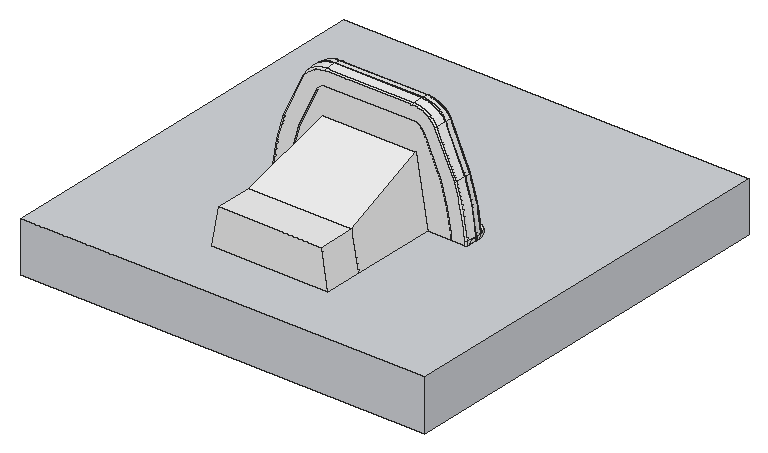
Revit family
Parameters (values of type "EWF-44000-FM")
  Waste Connection Radius = 0' - 0 3/4"
  Waste Connection = yes
  Warranty = "3 year (Limited)"
  WFU = 2
  Voltage = 110 V  # constant formula
  Vent Connection = no
  URL = "www.sloanvalve.com"
  Revised Date = "19/09/2012"
  Product Page URL = "http://sloanvalve.com/Our_Products/EWF_Series_Lavatory_Systems.aspx"
  Product Documentation Link = "http://sloanvalve.com/Specifications/Optima_EWF-44000.pdf"
  Operation = "Sensor-Activated"
  Model = "EWF-44000-FM"
  Material = "SloanStone-Sloan-PL-Pearl"
  Manufacturer = "SLOAN"
  Keynote = ""
  Hot Water Connection Radius = 0' - 0 1/4"
  HWFU = 1.5
  HW Connection = yes
  Fixture Color = "Consult your local Sloan Representative for color options"
  Description = "Quadruple-station solid surface floor mounted lavatory system equipped with Sloan Optima® electronic technology."
  Default Elevation = 2' - 10"
  Cold Water Connection Radius = 0' - 0 1/4"
  CWFU = 1.5
  CW Connection = yes
  Assembly Code = "D2010610"
  ADA Compliant = yes
Reference planes (in)
  plane 1 "Center (Front/Back)": y = 0
  plane 2: z = 0
  plane 3 "Center (Left/Right)": x = 0
  plane 4: x = -23
  plane 5: x = 23
  plane 6: z = 26
  plane 7: y = -34
  plane 8: y = -25
  plane 9: y = 5.5
  plane 10: y = -4.5
  plane 11: y = -13.5
  plane 12: x = -1
  plane 13: x = -5
  plane 14: y = -10.5
  plane 15: x = 11.56393
  plane 16: x = -11.56393
  plane 17: x = 5
  plane 18: y = 4.31555
  plane 19: x = -13.81046
  plane 20: x = 13.81046
  plane 21: x = -11.02386
  plane 22: x = 11.02386
  plane 23: x = -22.62222
  plane 24: x = -22.87557
  plane 25: x = -22.92324
  plane 26: x = -22.94739
  plane 27: x = 23.1084
  plane 28: x = 23.18958
  plane 29: x = -23.16714
  plane 30: x = -23.15483
  plane 31: z = 25.83579
  plane 32: z = 25.86616
  plane 33: z = 26.04104
  plane 34: y = -28
Forms (in)
  Extrusion 1, solid
    sketch origin (0, 0, 0) x (1, 0, 0) y (0, 1, 0)
      loop
        line (-48, 48) -> (-48, -48) -> (48, -48) -> (48, 48) -> (-48, 48)
    from 0 to -12
  Sweep 2, solid, material "SloanStone-Sloan-PL-Pearl"
    path origin (2.17627, 0, 0) x (1, 0, 0) y (0, 0, 1)
      loop
        line (20.73024, 0.03125) -> (20.73024, 0.96952)
        arc (20.73024, 0.96952) -> (19.7696, 6.86823) -> (18.16101, 12.62409) r 53.83177
        arc (18.16101, 12.62409) -> (16.12144, 17.73285) -> (13.56458, 22.60334) r 53.13163
        arc (13.56458, 22.60334) -> (11.31862, 24.81051) -> (8.27461, 25.61668) r 6.14997
        line (8.27461, 25.61668) -> (-12.44258, 25.61668)
        arc (-12.44258, 25.61668) -> (-15.48659, 24.81051) -> (-17.73255, 22.60334) r 6.14997
        arc (-17.73255, 22.60334) -> (-20.2894, 17.73285) -> (-22.32898, 12.62409) r 53.13163
        arc (-22.32898, 12.62409) -> (-23.93757, 6.86823) -> (-24.89821, 0.96952) r 53.83177
        line (-24.89821, 0.96952) -> (-24.89821, 0.03125)
    profile origin (22.90651, 0, 0.96952) x (-1, 0, 0) y (0, -1, 0)
      loop
        line (1.47023, 0.49788) -> (1.47023, 3.5) -> (3.72023, 3.5) -> (3.72023, 4.49801) -> (1.47023, 4.49801) -> (0.09119, 4.49801)
        arc (0.09119, 4.49801) -> (-0.11947, 4.41633) -> (-0.22001, 4.21399) r 0.3125
        line (-0.22001, 4.21399) -> (-0.42526, 1.97111)
        arc (-0.42526, 1.97111) -> (-0.43105, 1.86939) -> (-0.43348, 1.76753) r 3.08985
        line (-0.43348, 1.76753) -> (-0.1996, 0.26248)
        arc (-0.1996, 0.26248) -> (-0.0941, 0.07314) -> (0.1092, -0.00203) r 0.3125
        line (0.1092, -0.00203) -> (0.97023, -0.00212)
        arc (0.97023, -0.00212) -> (1.32379, 0.14433) -> (1.47023, 0.49788) r 0.5
  Sweep 3, solid, material "SloanStone-Sloan-PL-Pearl"
    path origin (0, 0, 0) x (1, 0, 0) y (0, 0, 1)
      loop
        line (11.60277, -0.00907) -> (11.60277, 1.58857) -> (9.70572, 11.30464)
        arc (9.70572, 11.30464) -> (9.00537, 12.48014) -> (7.71745, 12.94224) r 2.02581
        line (7.71745, 12.94224) -> (0, 12.94224) -> (-7.72144, 12.94224)
        arc (-7.72144, 12.94224) -> (-9.00937, 12.48014) -> (-9.70971, 11.30464) r 2.02581
        line (-9.70971, 11.30464) -> (-11.60676, 1.58857) -> (-11.60676, -0.00907)
    profile origin (0, 0, 12.94224) x (0, 0, -1) y (0, -1, 0)
      loop
        line (0.70572, 0) -> (0.70572, -4.69016) -> (-0.21887, -4.69016) -> (-0.21887, -5.0001)
        arc (-0.21887, -5.0001) -> (-0.07245, -5.35358) -> (0.28103, -5.5) r 0.4999
        line (0.28103, -5.5) -> (1.4987, -5.5) -> (1.4987, 0) -> (0.70572, 0)
  Extrusion 4, solid, material "SloanStone-Sloan-PL-Pearl"
    sketch origin (0, 0, 0) x (1, 0, 0) y (0, 0, 1)
      loop
        line (10.10407, 0) -> (10.10407, 1.44363) -> (8.2348, 11.01744)
        arc (8.2348, 11.01744) -> (8.05257, 11.32331) -> (7.71745, 11.44355) r 0.52712
        line (7.71745, 11.44355) -> (-7.72144, 11.44355)
        arc (-7.72144, 11.44355) -> (-8.05656, 11.32331) -> (-8.23879, 11.01744) r 0.52712
        line (-8.23879, 11.01744) -> (-10.10806, 1.44363) -> (-10.10806, 0) -> (10.10407, 0)
    from -5.5 to 4.5
  Extrusion 5, solid, material "SloanStone-Sloan-PL-Pearl"
    sketch origin (10.4307, 4.75, 2.2272) x (-0.207912, 0, 0.978148) y (0, -1, 0)
      loop
        line (5.53759, 1.2983) -> (4.78759, 1.2983)
        arc (4.78759, 1.2983) -> (4.41259, 0.9233) -> (4.78759, 0.5483) r 0.375
        line (4.78759, 0.5483) -> (5.53759, 0.5483)
        arc (5.53759, 0.5483) -> (5.91259, 0.9233) -> (5.53759, 1.2983) r 0.375
    from 0 to 0.0625
  Extrusion 6, solid, material "SloanStone-Sloan-PL-Pearl"
    sketch origin (9.51016, 4.75, 12.25) x (-1, 0, 0) y (0, -1, 0)
      loop
        line (5.53759, 1.2983) -> (4.78759, 1.2983)
        arc (4.78759, 1.2983) -> (4.41259, 0.9233) -> (4.78759, 0.5483) r 0.375
        line (4.78759, 0.5483) -> (5.53759, 0.5483)
        arc (5.53759, 0.5483) -> (5.91259, 0.9233) -> (5.53759, 1.2983) r 0.375
    from 0 to 0.0625
  Extrusion 7, solid, material "SloanStone-Sloan-PL-Pearl"
    sketch origin (-9.51016, 4.75, 12.25) x (1, 0, 0) y (0, 1, 0)
      loop
        arc (5.53759, -1.2983) -> (5.91259, -0.9233) -> (5.53759, -0.5483) r 0.375
        line (5.53759, -0.5483) -> (4.78759, -0.5483)
        arc (4.78759, -0.5483) -> (4.41259, -0.9233) -> (4.78759, -1.2983) r 0.375
        line (4.78759, -1.2983) -> (5.53759, -1.2983)
    from 0 to 0.0625
  Extrusion 8, solid, material "SloanStone-Sloan-PL-Pearl"
    sketch origin (-10.4307, 4.75, 2.2272) x (0.207912, 0, 0.978148) y (0, 1, 0)
      loop
        arc (5.53759, -1.2983) -> (5.91259, -0.9233) -> (5.53759, -0.5483) r 0.375
        line (5.53759, -0.5483) -> (4.78759, -0.5483)
        arc (4.78759, -0.5483) -> (4.41259, -0.9233) -> (4.78759, -1.2983) r 0.375
        line (4.78759, -1.2983) -> (5.53759, -1.2983)
    from 0 to 0.0625
  Extrusion 9, solid, material "Default"
    sketch origin (0, 0, 0) x (1, 0, 0) y (0, 1, 0)
      loop
        circle (-1, -13.5) r 0.25
      loop
        circle (-5, -13.5) r 0.25
      loop
        circle (0, -10.5) r 0.75
      loop
        line (4, -12) -> (4, -15) -> (6, -15) -> (6, -12) -> (4, -12)
    from 0 to 0.03125
  Revolve 10, solid, material "SloanStone-Sloan-PL-Pearl"
    sketch origin (4.58942, 14.56477, 11.44543) x (0.508513, 0.829038, -0.232618) y (0.415989, 0, 0.90937)
      loop
        line (-15.51805, -2.03868) -> (-15.66935, -2.18997) -> (-15.41233, -2.44699) -> (-15.26104, -2.29569) -> (-15.51805, -2.03868)
      axis (-15.7615, -2.28213) -> (-15.50449, -2.53914)
    angle from 0 to 360
  Revolve 11, solid, material "SloanStone-Sloan-PL-Pearl"
    sketch origin (-4.34757, -0.25, 0.48499) x (0, 1, 0) y (0, 0, 1)
      loop
        line (2.04794, 12.63041) -> (2.04794, 11.76501) -> (2.54794, 11.76501) -> (2.54794, 12.13041)
        arc (2.54794, 12.13041) -> (2.4015, 12.48396) -> (2.04794, 12.63041) r 0.5
      axis (2.04794, 12.63041) -> (2.04794, 11.76501)
    angle from 0 to 360
  Revolve 12, solid, material "SloanStone-Sloan-PL-Pearl"
    sketch origin (-4.58942, 14.56477, 11.44543) x (-0.508513, 0.829038, -0.232618) y (0.415989, 0, -0.90937)
      loop
        line (-15.51805, 2.03868) -> (-15.26104, 2.29569) -> (-15.41233, 2.44699) -> (-15.66935, 2.18997) -> (-15.51805, 2.03868)
      axis (-15.7615, 2.28213) -> (-15.50449, 2.53914)
    angle from 0 to 360
  Revolve 13, solid, material "SloanStone-Sloan-PL-Pearl"
    sketch origin (4.34757, -0.25, 0.48499) x (0, 1, 0) y (0, 0, -1)
      loop
        arc (2.04794, -12.63041) -> (2.4015, -12.48396) -> (2.54794, -12.13041) r 0.5
        line (2.54794, -12.13041) -> (2.54794, -11.76501) -> (2.04794, -11.76501) -> (2.04794, -12.63041)
      axis (2.04794, -12.63041) -> (2.04794, -11.76501)
    angle from 0 to 360
  Revolve 14, solid, material "SloanStone-Sloan-PL-Pearl"
    sketch origin (6.71224, 14.56477, 15.85138) x (-0.333261, 0.829038, 0.449037) y (-0.803009, 0, -0.595967)
      loop
        line (-15.51805, 2.03868) -> (-15.26104, 2.29569) -> (-15.41233, 2.44699) -> (-15.66935, 2.18997) -> (-15.51805, 2.03868)
      axis (-15.7615, 2.28213) -> (-15.50449, 2.53914)
    angle from 0 to 360
  Revolve 15, solid, material "SloanStone-Sloan-PL-Pearl"
    sketch origin (-2.15058, -0.25, 4.83089) x (0, 1, 0) y (-0.978148, 0, -0.207912)
      loop
        arc (2.04794, -12.63041) -> (2.4015, -12.48396) -> (2.54794, -12.13041) r 0.5
        line (2.54794, -12.13041) -> (2.54794, -11.76501) -> (2.04794, -11.76501) -> (2.04794, -12.63041)
      axis (2.04794, -12.63041) -> (2.04794, -11.76501)
    angle from 0 to 360
  Revolve 16, solid, material "SloanStone-Sloan-PL-Pearl"
    sketch origin (-6.71224, 14.56477, 15.85138) x (0.333261, 0.829038, 0.449037) y (-0.803009, 0, 0.595967)
      loop
        line (-15.51805, -2.03868) -> (-15.66935, -2.18997) -> (-15.41233, -2.44699) -> (-15.26104, -2.29569) -> (-15.51805, -2.03868)
      axis (-15.7615, -2.28213) -> (-15.50449, -2.53914)
    angle from 0 to 360
  Revolve 17, solid, material "SloanStone-Sloan-PL-Pearl"
    sketch origin (2.15058, -0.25, 4.83089) x (0, 1, 0) y (-0.978148, 0, 0.207912)
      loop
        line (2.04794, 12.63041) -> (2.04794, 11.76501) -> (2.54794, 11.76501) -> (2.54794, 12.13041)
        arc (2.54794, 12.13041) -> (2.4015, 12.48396) -> (2.04794, 12.63041) r 0.5
      axis (2.04794, 12.63041) -> (2.04794, 11.76501)
    angle from 0 to 360
  Extrusion 18, solid, material "SloanStone-Sloan-PL-Pearl"
    sketch origin (111.09563, -25, -18.08608) x (1, 0, 0) y (0, 0, 1)
      loop
        line (-97.18954, 18.11733) -> (-98.75201, 26.9788) -> (-123.24799, 26.9788) -> (-124.81046, 18.11733) -> (-97.18954, 18.11733)
    from 0 to 9
  Blend 19, solid, material "SloanStone-Sloan-PL-Pearl"
    base sketch origin (-110.90437, -25, -18.08608) x (-1, 0, 0) y (0, 0, 1)
      loop
        line (-98.75201, 26.9788) -> (-123.24799, 26.9788) -> (-124.81046, 18.11733) -> (-97.18954, 18.11733) -> (-98.75201, 26.9788)
    top sketch origin (-110.90437, -25, -18.08608) x (-1, 0, 0) y (0, 0, 1)
      loop
        line (-97.18954, 18.11733) -> (-99.97614, 33.92139) -> (-121.97614, 33.92139) -> (-124.76274, 18.11733) -> (-97.18954, 18.11733)
    from 0 to 20.61683
  Extrusion 20, solid, material "SloanStone-Sloan-PL-Pearl"
    sketch origin (0, 0, 0) x (1, 0, 0) y (0, 0, 1)
      loop
        arc (-10.2961, 22.15414) -> (-11.49976, 21.83505) -> (-12.38728, 20.96158) r 2.42974
        arc (-12.38728, 20.96158) -> (-14.7901, 16.39871) -> (-16.70427, 11.61026) r 49.4114
        arc (-16.70427, 11.61026) -> (-18.14214, 6.5008) -> (-19.0315, 1.26792) r 50.11153
        line (-19.0315, 1.26792) -> (-19.0315, 0.03125) -> (19.27368, 0.03125) -> (19.27368, 1.26792)
        arc (19.27368, 1.26792) -> (18.38433, 6.5008) -> (16.94646, 11.61026) r 50.11153
        arc (16.94646, 11.61026) -> (15.03228, 16.39871) -> (12.62947, 20.96158) r 49.4114
        arc (12.62947, 20.96158) -> (11.74195, 21.83505) -> (10.53829, 22.15414) r 2.42974
        line (10.53829, 22.15414) -> (-10.2961, 22.15414)
    from 3.5 to 4.5
  Extrusion 21, solid, material "SloanStone-Sloan-PL-Pearl"
    sketch origin (0, 0, 0) x (1, 0, 0) y (0, 1, 0)
      loop
        line (23.19186, -3.5) -> (23.33999, -1.88134) -> (23.33999, -0.79975)
        arc (23.33999, -0.79975) -> (22.17333, 1.62751) -> (19.72555, 2.75048) r 3.96705
        line (19.72555, 2.75048) -> (11.42071, 3.47706) -> (-11.23555, 3.47706) -> (-19.39125, 2.76353)
        arc (-19.39125, 2.76353) -> (-21.99753, 1.71338) -> (-23.2544, -0.79975) r 3.96705
        line (-23.2544, -0.79975) -> (-23.00729, -3.5) -> (23.19186, -3.5)
    from 0 to 0.76881
  Extrusion 22, solid, material "SloanStone-Sloan-PL-Pearl"
    sketch origin (0, -3.375, -0.00127) x (1, 0, 0) y (0, 0, 1)
      loop
        line (1.08476, 13.80717) -> (-1.08476, 13.80717)
        arc (-1.08476, 13.80717) -> (-1.43831, 13.66073) -> (-1.58476, 13.30717) r 0.5
        line (-1.58476, 13.30717) -> (-1.58476, 12.55872)
        arc (-1.58476, 12.55872) -> (-1.43831, 12.20516) -> (-1.08476, 12.05872) r 0.5
        line (-1.08476, 12.05872) -> (1.08476, 12.05872)
        arc (1.08476, 12.05872) -> (1.43831, 12.20516) -> (1.58476, 12.55872) r 0.5
        line (1.58476, 12.55872) -> (1.58476, 13.30717)
        arc (1.58476, 13.30717) -> (1.43831, 13.66073) -> (1.08476, 13.80717) r 0.5
      loop
        line (0.91362, 13.62634) -> (0.66362, 13.62634) -> (0.66362, 13.37634) -> (0.91362, 13.37634) -> (0.91362, 13.62634)
      loop
        line (0.91362, 12.23955) -> (0.91362, 12.48955) -> (0.66362, 12.48955) -> (0.66362, 12.23955) -> (0.91362, 12.23955)
      loop
        line (0.91362, 12.60789) -> (0.91362, 12.85789) -> (0.66362, 12.85789) -> (0.66362, 12.60789) -> (0.91362, 12.60789)
      loop
        line (0.91362, 13.258) -> (0.66362, 13.258) -> (0.66362, 13.008) -> (0.91362, 13.008) -> (0.91362, 13.258)
      loop
        line (0.51931, 13.62634) -> (0.26931, 13.62634) -> (0.26931, 13.37634) -> (0.51931, 13.37634) -> (0.51931, 13.62634)
      loop
        line (0.51931, 12.23955) -> (0.51931, 12.48955) -> (0.26931, 12.48955) -> (0.26931, 12.23955) -> (0.51931, 12.23955)
      loop
        line (0.51931, 12.60789) -> (0.51931, 12.85789) -> (0.26931, 12.85789) -> (0.26931, 12.60789) -> (0.51931, 12.60789)
      loop
        line (0.51931, 13.258) -> (0.26931, 13.258) -> (0.26931, 13.008) -> (0.51931, 13.008) -> (0.51931, 13.258)
      loop
        line (0.125, 13.62634) -> (-0.125, 13.62634) -> (-0.125, 13.37634) -> (0.125, 13.37634) -> (0.125, 13.62634)
      loop
        line (0.125, 12.23955) -> (0.125, 12.48955) -> (-0.125, 12.48955) -> (-0.125, 12.23955) -> (0.125, 12.23955)
      loop
        line (0.125, 12.60789) -> (0.125, 12.85789) -> (-0.125, 12.85789) -> (-0.125, 12.60789) -> (0.125, 12.60789)
      loop
        line (0.125, 13.258) -> (-0.125, 13.258) -> (-0.125, 13.008) -> (0.125, 13.008) -> (0.125, 13.258)
      loop
        line (1.30793, 13.62634) -> (1.05793, 13.62634) -> (1.05793, 13.37634) -> (1.30793, 13.37634) -> (1.30793, 13.62634)
      loop
        line (1.30793, 12.23955) -> (1.30793, 12.48955) -> (1.05793, 12.48955) -> (1.05793, 12.23955) -> (1.30793, 12.23955)
      loop
        line (1.30793, 12.60789) -> (1.30793, 12.85789) -> (1.05793, 12.85789) -> (1.05793, 12.60789) -> (1.30793, 12.60789)
      loop
        line (1.30793, 13.258) -> (1.05793, 13.258) -> (1.05793, 13.008) -> (1.30793, 13.008) -> (1.30793, 13.258)
      loop
        line (-0.91362, 13.62634) -> (-0.91362, 13.37634) -> (-0.66362, 13.37634) -> (-0.66362, 13.62634) -> (-0.91362, 13.62634)
      loop
        line (-0.91362, 12.23955) -> (-0.66362, 12.23955) -> (-0.66362, 12.48955) -> (-0.91362, 12.48955) -> (-0.91362, 12.23955)
      loop
        line (-0.91362, 12.60789) -> (-0.66362, 12.60789) -> (-0.66362, 12.85789) -> (-0.91362, 12.85789) -> (-0.91362, 12.60789)
      loop
        line (-0.91362, 13.258) -> (-0.91362, 13.008) -> (-0.66362, 13.008) -> (-0.66362, 13.258) -> (-0.91362, 13.258)
      loop
        line (-0.51931, 13.62634) -> (-0.51931, 13.37634) -> (-0.26931, 13.37634) -> (-0.26931, 13.62634) -> (-0.51931, 13.62634)
      loop
        line (-0.51931, 12.23955) -> (-0.26931, 12.23955) -> (-0.26931, 12.48955) -> (-0.51931, 12.48955) -> (-0.51931, 12.23955)
      loop
        line (-0.51931, 12.60789) -> (-0.26931, 12.60789) -> (-0.26931, 12.85789) -> (-0.51931, 12.85789) -> (-0.51931, 12.60789)
      loop
        line (-0.51931, 13.258) -> (-0.51931, 13.008) -> (-0.26931, 13.008) -> (-0.26931, 13.258) -> (-0.51931, 13.258)
      loop
        line (-1.30793, 13.62634) -> (-1.30793, 13.37634) -> (-1.05793, 13.37634) -> (-1.05793, 13.62634) -> (-1.30793, 13.62634)
      loop
        line (-1.30793, 12.23955) -> (-1.05793, 12.23955) -> (-1.05793, 12.48955) -> (-1.30793, 12.48955) -> (-1.30793, 12.23955)
      loop
        line (-1.30793, 12.60789) -> (-1.05793, 12.60789) -> (-1.05793, 12.85789) -> (-1.30793, 12.85789) -> (-1.30793, 12.60789)
      loop
        line (-1.30793, 13.258) -> (-1.30793, 13.008) -> (-1.05793, 13.008) -> (-1.05793, 13.258) -> (-1.30793, 13.258)
    from 0 to 0.125
Cuts and joins
  joined: Sweep 2, Sweep 3, Extrusion 4, Extrusion 5, Extrusion 6, Extrusion 7, Extrusion 8, Revolve 10, Revolve 11, Revolve 12, Revolve 13, Revolve 14, Revolve 15, Revolve 16, Revolve 17
  joined: Extrusion 18, Blend 19
Lines and regions (in)
  Masking region 1
    outline origin (0.09563, 0, 0) x (1, 0, 0) y (0, 1, 0)
      loop
        line (-23.0609, -4.20515) -> (-23.33409, -0.64208)
        arc (-23.33409, -0.64208) -> (-22.2629, 1.51727) -> (-20.15852, 2.69277) r 4.07253
        line (-20.15852, 2.69277) -> (-11.29953, 3.46783) -> (-10.99667, 3.46783) -> (-10.99667, 4.69019) -> (-11.92616, 4.69019) -> (-11.92616, 5.00012)
        arc (-11.92616, 5.00012) -> (-11.74857, 5.38514) -> (-11.34042, 5.5) r 0.50618
        line (-11.34042, 5.5) -> (11.17239, 5.5)
        arc (11.17239, 5.5) -> (11.58055, 5.38514) -> (11.75813, 5.00012) r 0.50618
        line (11.75813, 5.00012) -> (11.75813, 4.69019) -> (11.23489, 4.69019) -> (11.23489, 3.46783) -> (11.53775, 3.46783) -> (19.7469, 2.74962)
        arc (19.7469, 2.74962) -> (22.33548, 1.35449) -> (23.30984, -1.41999) r 4.07253
        arc (23.30984, -1.41999) -> (23.31366, -1.51999) -> (23.30984, -1.62) r 1.30811
        line (23.30984, -1.62) -> (23.07387, -4.20925)
        arc (23.07387, -4.20925) -> (22.97103, -4.41638) -> (22.75542, -4.5) r 0.31977
        line (22.75542, -4.5) -> (13.81046, -4.5) -> (13.81046, -34) -> (-13.81046, -34) -> (-13.81046, -4.5) -> (-22.73595, -4.5)
        arc (-22.73595, -4.5) -> (-22.95325, -4.41483) -> (-23.05478, -4.20468) r 0.31977
  Masking region 2
    outline origin (0.12364, 0, 0.00907) x (1, 0, 0) y (0, 0, 1)
      loop
        line (23.21635, -0.00907) -> (23.21635, 1.29884)
        arc (23.21635, 1.29884) -> (20.62323, 12.466) -> (15.8084, 22.87018) r 55.94957
        arc (15.8084, 22.87018) -> (13.43973, 25.1917) -> (10.23166, 26.03334) r 6.46542
        line (10.23166, 26.03334) -> (-10.39336, 26.03334)
        arc (-10.39336, 26.03334) -> (-13.60143, 25.1917) -> (-15.9701, 22.87018) r 6.46542
        arc (-15.9701, 22.87018) -> (-20.78493, 12.466) -> (-23.37804, 1.29884) r 55.94957
        line (-23.37804, 1.29884) -> (-23.37804, -0.00907) -> (23.21635, -0.00907)
  Masking region 3
    outline origin (0, 0, 0) x (0, 1, 0) y (0, 0, 1)
      loop
        line (5.5, 0) -> (5.5, 12.625)
        arc (5.5, 12.625) -> (5.34467, 13) -> (4.96967, 13.15533) r 0.53033
        line (4.96967, 13.15533) -> (4.69019, 13.15533) -> (4.69019, 12.24602) -> (4.2017, 12.24602) -> (4.2017, 12.30852) -> (3.4517, 12.30852) -> (3.4517, 12.24602) -> (2.34482, 12.24602) -> (2.34482, 12.6478)
        arc (2.34482, 12.6478) -> (2.22257, 12.97397) -> (1.91605, 13.13943) r 0.49624
        line (1.91605, 13.13943) -> (1.81465, 13.28424)
        arc (1.81465, 13.28424) -> (1.48013, 13.12229) -> (1.22189, 12.855) r 1.06211
        line (1.22189, 12.855) -> (1.30762, 12.74244)
        arc (1.30762, 12.74244) -> (1.29937, 12.69103) -> (1.29857, 12.63896) r 0.36284
        line (1.29857, 12.63896) -> (1.29857, 12.24724) -> (-0.00604, 12.24724) -> (-0.00604, 25.59716)
        arc (-0.00604, 25.59716) -> (-0.08491, 25.78758) -> (-0.27534, 25.86646) r 0.2693
        line (-0.27534, 25.86646) -> (-1.41933, 26.03418)
        arc (-1.41933, 26.03418) -> (-1.61349, 26.0351) -> (-1.80026, 25.98202) r 0.69166
        line (-1.80026, 25.98202) -> (-4.21799, 25.79664)
        arc (-4.21799, 25.79664) -> (-4.42026, 25.69933) -> (-4.50323, 25.49076) r 0.30886
        line (-4.50323, 25.49076) -> (-4.50323, 15.74749) -> (-24.99491, 8.856) -> (-34, 8.856) -> (-34, 0) -> (5.5, 0)
  model lines
    curve 1: circle (-5, -24.45768, 9.0435) r 0.125 normal (0, -0.3182, 0.948)
    curve 2: circle (5, -24.45768, 9.0435) r 0.125 normal (0, 0.3182, -0.948)
  symbolic lines, detail levels medium+fine
    curve 3: line (-10.90104, 4.69019, 0) -> (11.33052, 4.69019, 0)
    curve 4: line (-23.2544, -0.79975, 0) -> (23.37775, -0.79975, 0)
    curve 5: line (-10.90104, 3.46783, 0) -> (-10.90104, -0.79975, 0)
    curve 6: line (11.33052, 3.46783, 0) -> (11.33052, -0.79975, 0)
    curve 7: line (-13.71483, -4.5, 0) -> (13.90609, -4.5, 0)
    curve 10: line (-13.71483, -25, 0) -> (13.90609, -25, 0)
    curve 55: line (11.04039, 0, 0) -> (11.04039, 0, 0.7941)
    curve 56: line (11.04039, 0, 0.7941) -> (8.99981, 0, 11.24529)
    curve 57: arc (8.99981, 0, 11.24529) -> (8.57806, 0, 11.95318) -> (7.80248, 0, 12.23145) r 1.21994
    curve 58: line (-11.07558, 0, 0) -> (-11.07558, 0, 0.7941)
    curve 59: line (-11.07558, 0, 0.7941) -> (-9.06668, 0, 11.08304)
    curve 60: arc (-9.06668, 0, 11.08304) -> (-8.57554, 0, 11.90739) -> (-7.67235, 0, 12.23145) r 1.42066
    curve 61: line (7.80248, 0, 12.23145) -> (-7.67235, 0, 12.23145)
    curve 62: line (23.30566, 0, 1.30791) -> (10.94007, 0, 1.30791)
    curve 63: line (-23.2544, 0, 1.30791) -> (-10.97526, 0, 1.30791)
    curve 64: arc (21.50183, 0, 1.29419) -> (18.98803, 0, 11.60877) -> (14.4792, 0, 21.22023) r 53.28336
    curve 65: arc (14.4792, 0, 21.22023) -> (12.28733, 0, 23.36391) -> (9.32299, 0, 24.14645) r 6.00593
    curve 66: arc (-22.00772, 0, 1.30791) -> (-19.49353, 0, 11.6153) -> (-14.98702, 0, 21.22023) r 53.28336
    curve 67: arc (-14.98702, 0, 21.22023) -> (-12.79514, 0, 23.36391) -> (-9.8308, 0, 24.14645) r 6.00593
    curve 68: line (9.32299, 0, 24.14645) -> (-9.8308, 0, 24.14645)
    curve 214: line (0, 4.69019, 12.24602) -> (0, 4.69019, 0)
    curve 215: line (0, -0.00604, 12.24724) -> (0, -0.00604, 0)
    curve 216: line (0, -0.00604, 1.20036) -> (0, 3.49396, 1.20036)
    curve 217: line (0, 3.49396, 1.20036) -> (0, 3.49396, 0)
    curve 218: line (0, -4.50323, 15.79488) -> (0, -4.50323, 0)
    curve 219: line (0, -25, 8.8432) -> (0, -25, 0)
    curve 229: line (0, 4.2017, 12.25) -> (0, 3.4517, 12.25)
    curve 230: line (0, 2.34482, 12.24602) -> (0, 1.29173, 12.24602)
  symbolic lines, detail levels fine
    curve 8: line (-7.17958, -34, 0) -> (-7.17958, -25, 0)
    curve 9: line (-7.17958, -25, 0) -> (-5.98268, -4.5, 0)
    curve 11: line (7.37084, -34, 0) -> (7.37084, -25, 0)
    curve 12: line (7.37084, -25, 0) -> (6.17394, -4.5, 0)
    curve 13: arc (-4.68343, 1.67614, 0) -> (-4.3333, 1.79874, 0) -> (-4.05853, 1.54949, 0) r 0.36273
    curve 14: arc (-4.70559, 1.56214, 0) -> (-4.42688, 1.31731, 0) -> (-4.07875, 1.44547, 0) r 0.36273
    curve 15: arc (-4.70559, 1.56214, 0) -> (-4.70922, 1.622, 0) -> (-4.68343, 1.67614, 0) r 0.11998
    curve 16: arc (-4.05853, 1.54949, 0) -> (-4.05566, 1.49496, 0) -> (-4.07875, 1.44547, 0) r 0.11273
    curve 17: arc (-4.65818, 1.80073, 0) -> (-4.30805, 1.92332, 0) -> (-4.03328, 1.67408, 0) r 0.36273
    curve 18: line (-4.70922, 1.622, 0) -> (-4.65818, 1.80073, 0)
    curve 19: line (-4.05566, 1.49496, 0) -> (-4.03328, 1.67408, 0)
    curve 20: arc (-4.66793, 1.48138, 0) -> (-4.31845, 2.36402, 0) -> (-4.07875, 1.44547, 0) r 0.4994
    curve 21: arc (-10.32008, 1.78054, 0) -> (-10.18417, 1.48568, 0) -> (-9.93095, 1.28247, 0) r 0.70816
    curve 22: line (-9.93095, 1.28247, 0) -> (-9.81457, 1.36396, 0)
    curve 23: arc (-9.81457, 1.36396, 0) -> (-9.7715, 1.36029, 0) -> (-9.72828, 1.35943, 0) r 0.66353
    curve 24: line (-9.72828, 1.35943, 0) -> (-9.36426, 1.35943, 0)
    curve 25: arc (-9.36426, 1.35943, 0) -> (-9.25739, 1.85943, 0) -> (-9.36426, 2.35943, 0) r 1.22311
    curve 26: line (-9.36426, 2.35943, 0) -> (-9.7612, 2.35943, 0)
    curve 27: arc (-9.7612, 2.35943, 0) -> (-10.0709, 2.2246, 0) -> (-10.22701, 1.92506, 0) r 0.50662
    curve 28: line (-10.32008, 1.78054, 0) -> (-10.22701, 1.92506, 0)
    curve 29: arc (-10.22701, 1.92506, 0) -> (-10.06851, 1.60943, 0) -> (-9.81457, 1.36396, 0) r 1.05318
    curve 30: arc (10.31609, 1.78054, 0) -> (10.18017, 1.48568, 0) -> (9.92696, 1.28247, 0) r 0.70816
    curve 31: line (9.92696, 1.28247, 0) -> (9.81058, 1.36396, 0)
    curve 32: arc (9.81058, 1.36396, 0) -> (9.76751, 1.36029, 0) -> (9.72428, 1.35943, 0) r 0.66353
    curve 33: line (9.72428, 1.35943, 0) -> (9.36026, 1.35943, 0)
    curve 34: arc (9.36026, 1.35943, 0) -> (9.2534, 1.85943, 0) -> (9.36026, 2.35943, 0) r 1.22311
    curve 35: line (9.36026, 2.35943, 0) -> (9.75721, 2.35943, 0)
    curve 36: arc (9.75721, 2.35943, 0) -> (10.06691, 2.2246, 0) -> (10.22302, 1.92506, 0) r 0.50662
    curve 37: line (10.31609, 1.78054, 0) -> (10.22302, 1.92506, 0)
    curve 38: arc (10.22302, 1.92506, 0) -> (10.06452, 1.60943, 0) -> (9.81058, 1.36396, 0) r 1.05318
    curve 39: arc (4.67944, 1.67614, 0) -> (4.32931, 1.79874, 0) -> (4.05454, 1.54949, 0) r 0.36273
    curve 40: arc (4.7016, 1.56214, 0) -> (4.42289, 1.31731, 0) -> (4.07476, 1.44547, 0) r 0.36273
    curve 41: arc (4.7016, 1.56214, 0) -> (4.70523, 1.622, 0) -> (4.67944, 1.67614, 0) r 0.11998
    curve 42: arc (4.05454, 1.54949, 0) -> (4.05166, 1.49496, 0) -> (4.07476, 1.44547, 0) r 0.11273
    curve 43: arc (4.65419, 1.80073, 0) -> (4.30406, 1.92332, 0) -> (4.02929, 1.67408, 0) r 0.36273
    curve 44: line (4.70523, 1.622, 0) -> (4.65419, 1.80073, 0)
    curve 45: line (4.05166, 1.49496, 0) -> (4.02929, 1.67408, 0)
    curve 46: arc (4.66393, 1.48138, 0) -> (4.31446, 2.36402, 0) -> (4.07476, 1.44547, 0) r 0.4994
    curve 47: arc (-4.72257, 4.2017, 0) -> (-5.09757, 3.8267, 0) -> (-4.72257, 3.4517, 0) r 0.375
    curve 48: line (-4.72257, 3.4517, 0) -> (-3.97257, 3.4517, 0)
    curve 49: line (-3.97257, 4.2017, 0) -> (-4.72257, 4.2017, 0)
    curve 50: arc (-3.97257, 3.4517, 0) -> (-3.59757, 3.8267, 0) -> (-3.97257, 4.2017, 0) r 0.375
    curve 51: arc (3.97257, 4.2017, 0) -> (3.59757, 3.8267, 0) -> (3.97257, 3.4517, 0) r 0.375
    curve 52: line (3.97257, 3.4517, 0) -> (4.72257, 3.4517, 0)
    curve 53: arc (4.72257, 3.4517, 0) -> (5.09757, 3.8267, 0) -> (4.72257, 4.2017, 0) r 0.375
    curve 54: line (4.72257, 4.2017, 0) -> (3.97257, 4.2017, 0)
    curve 69: arc (9.66021, 0, 7.86295) -> (10.18216, 0, 7.45715) -> (9.85119, 0, 6.88483) r 0.50297
    curve 70: arc (10.14181, 0, 7.14283) -> (10.28946, 0, 7.5445) -> (9.94245, 0, 7.79493) r 0.35405
    curve 71: arc (-9.70239, 0, 7.82714) -> (-10.22583, 0, 7.42143) -> (-9.89344, 0, 6.84863) r 0.50297
    curve 72: arc (-10.18548, 0, 7.10711) -> (-10.33313, 0, 7.50878) -> (-9.98612, 0, 7.75921) r 0.35405
    curve 73: arc (4.12807, 0, 13.14129) -> (4.37876, 0, 13.22415) -> (4.62986, 0, 13.14254) r 0.42385
    curve 74: arc (4.0832, 0, 13.04716) -> (4.09533, 0, 13.09914) -> (4.12807, 0, 13.14129) r 0.12482
    curve 75: arc (4.67842, 0, 13.0569) -> (4.70882, 0, 12.99865) -> (4.72297, 0, 12.93449) r 0.2496
    curve 76: arc (4.72297, 0, 12.93449) -> (4.81123, 0, 12.78445) -> (4.85197, 0, 12.61521) r 0.59135
    curve 77: line (4.85197, 0, 12.61521) -> (4.85197, 0, 12.23145)
    curve 78: arc (4.0832, 0, 13.04716) -> (4.05737, 0, 12.99312) -> (4.04516, 0, 12.93449) r 0.2496
    curve 79: arc (4.04516, 0, 12.93449) -> (3.95691, 0, 12.78445) -> (3.91617, 0, 12.61521) r 0.59135
    curve 80: line (3.91617, 0, 12.61521) -> (3.91617, 0, 12.23145)
    curve 81: arc (4.67842, 0, 13.0569) -> (4.66336, 0, 13.10494) -> (4.62986, 0, 13.14254) r 0.11965
    curve 82: arc (4.67842, 0, 13.0569) -> (4.38107, 0, 13.12342) -> (4.08372, 0, 13.0569) r 0.69781
    curve 83: arc (4.72297, 0, 12.93449) -> (4.38407, 0, 13.00982) -> (4.04516, 0, 12.93449) r 0.8
    curve 84: arc (-4.04703, 0, 13.14129) -> (-4.29772, 0, 13.22415) -> (-4.54882, 0, 13.14254) r 0.42385
    curve 85: arc (-4.00216, 0, 13.04716) -> (-4.01429, 0, 13.09914) -> (-4.04703, 0, 13.14129) r 0.12482
    curve 86: arc (-4.59738, 0, 13.0569) -> (-4.62778, 0, 12.99865) -> (-4.64193, 0, 12.93449) r 0.2496
    curve 87: arc (-4.64193, 0, 12.93449) -> (-4.73019, 0, 12.78445) -> (-4.77093, 0, 12.61521) r 0.59135
    curve 88: line (-4.77093, 0, 12.61521) -> (-4.77093, 0, 12.23145)
    curve 89: arc (-4.00216, 0, 13.04716) -> (-3.97633, 0, 12.99312) -> (-3.96412, 0, 12.93449) r 0.2496
    curve 90: arc (-3.96412, 0, 12.93449) -> (-3.87587, 0, 12.78445) -> (-3.83513, 0, 12.61521) r 0.59135
    curve 91: line (-3.83513, 0, 12.61521) -> (-3.83513, 0, 12.23145)
    curve 92: arc (-4.59738, 0, 13.0569) -> (-4.58232, 0, 13.10494) -> (-4.54882, 0, 13.14254) r 0.11965
    curve 93: arc (-4.59738, 0, 13.0569) -> (-4.30003, 0, 13.12342) -> (-4.00268, 0, 13.0569) r 0.69781
    curve 94: arc (-4.64193, 0, 12.93449) -> (-4.30303, 0, 13.00982) -> (-3.96412, 0, 12.93449) r 0.8
    curve 95: arc (1.46387, 0, 12.23145) -> (1.55356, 0, 12.3836) -> (1.58476, 0, 12.55745) r 0.5
    curve 96: line (1.58476, 0, 12.55745) -> (1.58476, 0, 13.3059)
    curve 97: arc (1.58476, 0, 13.3059) -> (1.43831, 0, 13.65946) -> (1.08476, 0, 13.8059) r 0.5
    curve 98: line (1.08476, 0, 13.8059) -> (-1.08476, 0, 13.8059)
    curve 99: arc (-1.08476, 0, 13.8059) -> (-1.43831, 0, 13.65946) -> (-1.58476, 0, 13.3059) r 0.5
    curve 100: line (-1.58476, 0, 13.3059) -> (-1.58476, 0, 12.55745)
    curve 101: arc (-1.58476, 0, 12.55745) -> (-1.55356, 0, 12.3836) -> (-1.46387, 0, 12.23145) r 0.5
    curve 102: line (1.30793, 0, 13.62507) -> (1.05793, 0, 13.62507)
    curve 103: line (1.05793, 0, 13.62507) -> (1.05793, 0, 13.37507)
    curve 104: line (1.05793, 0, 13.37507) -> (1.30793, 0, 13.37507)
    curve 105: line (1.30793, 0, 13.37507) -> (1.30793, 0, 13.62507)
    curve 106: line (0.91362, 0, 13.62507) -> (0.66362, 0, 13.62507)
    curve 107: line (0.66362, 0, 13.62507) -> (0.66362, 0, 13.37507)
    curve 108: line (0.66362, 0, 13.37507) -> (0.91362, 0, 13.37507)
    curve 109: line (0.91362, 0, 13.37507) -> (0.91362, 0, 13.62507)
    curve 110: line (0.51931, 0, 13.62507) -> (0.26931, 0, 13.62507)
    curve 111: line (0.26931, 0, 13.62507) -> (0.26931, 0, 13.37507)
    curve 112: line (0.26931, 0, 13.37507) -> (0.51931, 0, 13.37507)
    curve 113: line (0.51931, 0, 13.37507) -> (0.51931, 0, 13.62507)
    curve 114: line (0.125, 0, 13.62507) -> (-0.125, 0, 13.62507)
    curve 115: line (-0.125, 0, 13.62507) -> (-0.125, 0, 13.37507)
    curve 116: line (-0.125, 0, 13.37507) -> (0.125, 0, 13.37507)
    curve 117: line (0.125, 0, 13.37507) -> (0.125, 0, 13.62507)
    curve 118: line (-0.26931, 0, 13.62507) -> (-0.51931, 0, 13.62507)
    curve 119: line (-0.51931, 0, 13.62507) -> (-0.51931, 0, 13.37507)
    curve 120: line (-0.51931, 0, 13.37507) -> (-0.26931, 0, 13.37507)
    curve 121: line (-0.26931, 0, 13.37507) -> (-0.26931, 0, 13.62507)
    curve 122: line (-0.66362, 0, 13.62507) -> (-0.91362, 0, 13.62507)
    curve 123: line (-0.91362, 0, 13.62507) -> (-0.91362, 0, 13.37507)
    curve 124: line (-0.91362, 0, 13.37507) -> (-0.66362, 0, 13.37507)
    curve 125: line (-0.66362, 0, 13.37507) -> (-0.66362, 0, 13.62507)
    curve 126: line (-1.05793, 0, 13.62507) -> (-1.30793, 0, 13.62507)
    curve 127: line (-1.30793, 0, 13.62507) -> (-1.30793, 0, 13.37507)
    curve 128: line (-1.30793, 0, 13.37507) -> (-1.05793, 0, 13.37507)
    curve 129: line (-1.05793, 0, 13.37507) -> (-1.05793, 0, 13.62507)
    curve 130: line (-1.05793, 0, 13.25673) -> (-1.30793, 0, 13.25673)
    curve 131: line (-1.30793, 0, 13.25673) -> (-1.30793, 0, 13.00673)
    curve 132: line (-1.30793, 0, 13.00673) -> (-1.05793, 0, 13.00673)
    curve 133: line (-1.05793, 0, 13.00673) -> (-1.05793, 0, 13.25673)
    curve 134: line (-0.66362, 0, 13.25673) -> (-0.91362, 0, 13.25673)
    curve 135: line (-0.91362, 0, 13.25673) -> (-0.91362, 0, 13.00673)
    curve 136: line (-0.91362, 0, 13.00673) -> (-0.66362, 0, 13.00673)
    curve 137: line (-0.66362, 0, 13.00673) -> (-0.66362, 0, 13.25673)
    curve 138: line (-0.26931, 0, 13.25673) -> (-0.51931, 0, 13.25673)
    curve 139: line (-0.51931, 0, 13.25673) -> (-0.51931, 0, 13.00673)
    curve 140: line (-0.51931, 0, 13.00673) -> (-0.26931, 0, 13.00673)
    curve 141: line (-0.26931, 0, 13.00673) -> (-0.26931, 0, 13.25673)
    curve 142: line (0.125, 0, 13.25673) -> (-0.125, 0, 13.25673)
    curve 143: line (-0.125, 0, 13.25673) -> (-0.125, 0, 13.00673)
    curve 144: line (-0.125, 0, 13.00673) -> (0.125, 0, 13.00673)
    curve 145: line (0.125, 0, 13.00673) -> (0.125, 0, 13.25673)
    curve 146: line (0.51931, 0, 13.25673) -> (0.26931, 0, 13.25673)
    curve 147: line (0.26931, 0, 13.25673) -> (0.26931, 0, 13.00673)
    curve 148: line (0.26931, 0, 13.00673) -> (0.51931, 0, 13.00673)
    curve 149: line (0.51931, 0, 13.00673) -> (0.51931, 0, 13.25673)
    curve 150: line (0.91362, 0, 13.25673) -> (0.66362, 0, 13.25673)
    curve 151: line (0.66362, 0, 13.25673) -> (0.66362, 0, 13.00673)
    curve 152: line (0.66362, 0, 13.00673) -> (0.91362, 0, 13.00673)
    curve 153: line (0.91362, 0, 13.00673) -> (0.91362, 0, 13.25673)
    curve 154: line (1.30793, 0, 13.25673) -> (1.05793, 0, 13.25673)
    curve 155: line (1.05793, 0, 13.25673) -> (1.05793, 0, 13.00673)
    curve 156: line (1.05793, 0, 13.00673) -> (1.30793, 0, 13.00673)
    curve 157: line (1.30793, 0, 13.00673) -> (1.30793, 0, 13.25673)
    curve 158: line (1.30793, 0, 12.85662) -> (1.05793, 0, 12.85662)
    curve 159: line (1.05793, 0, 12.85662) -> (1.05793, 0, 12.60662)
    curve 160: line (1.05793, 0, 12.60662) -> (1.30793, 0, 12.60662)
    curve 161: line (1.30793, 0, 12.60662) -> (1.30793, 0, 12.85662)
    curve 162: line (0.91362, 0, 12.85662) -> (0.66362, 0, 12.85662)
    curve 163: line (0.66362, 0, 12.85662) -> (0.66362, 0, 12.60662)
    curve 164: line (0.66362, 0, 12.60662) -> (0.91362, 0, 12.60662)
    curve 165: line (0.91362, 0, 12.60662) -> (0.91362, 0, 12.85662)
    curve 166: line (0.51931, 0, 12.85662) -> (0.26931, 0, 12.85662)
    curve 167: line (0.26931, 0, 12.85662) -> (0.26931, 0, 12.60662)
    curve 168: line (0.26931, 0, 12.60662) -> (0.51931, 0, 12.60662)
    curve 169: line (0.51931, 0, 12.60662) -> (0.51931, 0, 12.85662)
    curve 170: line (0.125, 0, 12.85662) -> (-0.125, 0, 12.85662)
    curve 171: line (-0.125, 0, 12.85662) -> (-0.125, 0, 12.60662)
    curve 172: line (-0.125, 0, 12.60662) -> (0.125, 0, 12.60662)
    curve 173: line (0.125, 0, 12.60662) -> (0.125, 0, 12.85662)
    curve 174: line (-0.26931, 0, 12.85662) -> (-0.51931, 0, 12.85662)
    curve 175: line (-0.51931, 0, 12.85662) -> (-0.51931, 0, 12.60662)
    curve 176: line (-0.51931, 0, 12.60662) -> (-0.26931, 0, 12.60662)
    curve 177: line (-0.26931, 0, 12.60662) -> (-0.26931, 0, 12.85662)
    curve 178: line (-0.66362, 0, 12.85662) -> (-0.91362, 0, 12.85662)
    curve 179: line (-0.91362, 0, 12.85662) -> (-0.91362, 0, 12.60662)
    curve 180: line (-0.91362, 0, 12.60662) -> (-0.66362, 0, 12.60662)
    curve 181: line (-0.66362, 0, 12.60662) -> (-0.66362, 0, 12.85662)
    curve 182: line (-1.05793, 0, 12.85662) -> (-1.30793, 0, 12.85662)
    curve 183: line (-1.30793, 0, 12.85662) -> (-1.30793, 0, 12.60662)
    curve 184: line (-1.30793, 0, 12.60662) -> (-1.05793, 0, 12.60662)
    curve 185: line (-1.05793, 0, 12.60662) -> (-1.05793, 0, 12.85662)
    curve 186: line (-1.05793, 0, 12.48828) -> (-1.30793, 0, 12.48828)
    curve 187: line (-1.30793, 0, 12.48828) -> (-1.30793, 0, 12.23828)
    curve 188: line (-1.30793, 0, 12.23828) -> (-1.05793, 0, 12.23828)
    curve 189: line (-1.05793, 0, 12.23828) -> (-1.05793, 0, 12.48828)
    curve 190: line (-0.66362, 0, 12.48828) -> (-0.91362, 0, 12.48828)
    curve 191: line (-0.91362, 0, 12.48828) -> (-0.91362, 0, 12.23828)
    curve 192: line (-0.91362, 0, 12.23828) -> (-0.66362, 0, 12.23828)
    curve 193: line (-0.66362, 0, 12.23828) -> (-0.66362, 0, 12.48828)
    curve 194: line (-0.26931, 0, 12.48828) -> (-0.51931, 0, 12.48828)
    curve 195: line (-0.51931, 0, 12.48828) -> (-0.51931, 0, 12.23828)
    curve 196: line (-0.51931, 0, 12.23828) -> (-0.26931, 0, 12.23828)
    curve 197: line (-0.26931, 0, 12.23828) -> (-0.26931, 0, 12.48828)
    curve 198: line (0.125, 0, 12.48828) -> (-0.125, 0, 12.48828)
    curve 199: line (-0.125, 0, 12.48828) -> (-0.125, 0, 12.23828)
    curve 200: line (-0.125, 0, 12.23828) -> (0.125, 0, 12.23828)
    curve 201: line (0.125, 0, 12.23828) -> (0.125, 0, 12.48828)
    curve 202: line (0.51931, 0, 12.48828) -> (0.26931, 0, 12.48828)
    curve 203: line (0.26931, 0, 12.48828) -> (0.26931, 0, 12.23828)
    curve 204: line (0.26931, 0, 12.23828) -> (0.51931, 0, 12.23828)
    curve 205: line (0.51931, 0, 12.23828) -> (0.51931, 0, 12.48828)
    curve 206: line (0.91362, 0, 12.48828) -> (0.66362, 0, 12.48828)
    curve 207: line (0.66362, 0, 12.48828) -> (0.66362, 0, 12.23828)
    curve 208: line (0.66362, 0, 12.23828) -> (0.91362, 0, 12.23828)
    curve 209: line (0.91362, 0, 12.23828) -> (0.91362, 0, 12.48828)
    curve 210: line (1.30793, 0, 12.48828) -> (1.05793, 0, 12.48828)
    curve 211: line (1.05793, 0, 12.48828) -> (1.05793, 0, 12.23828)
    curve 212: line (1.05793, 0, 12.23828) -> (1.30793, 0, 12.23828)
    curve 213: line (1.30793, 0, 12.23828) -> (1.30793, 0, 12.48828)
    curve 220: arc (0, 4.1392, 7.68473) -> (0, 3.7642, 8.05973) -> (0, 3.3892, 7.68473) r 0.375
    curve 221: arc (0, 4.1392, 6.94863) -> (0, 3.7642, 6.57363) -> (0, 3.3892, 6.94863) r 0.375
    curve 222: line (0, 4.1392, 7.68473) -> (0, 4.1392, 6.94863)
    curve 223: line (0, 3.3892, 7.68473) -> (0, 3.3892, 6.94863)
    curve 224: arc (0, 1.65071, 7.74934) -> (0, 1.7267, 7.41589) -> (0, 1.48719, 7.17175) r 0.35672
    curve 225: arc (0, 1.46072, 7.78973) -> (0, 1.25567, 7.51601) -> (0, 1.37517, 7.19556) r 0.35672
    curve 226: arc (0, 1.46072, 7.78973) -> (0, 1.56238, 7.80088) -> (0, 1.65071, 7.74934) r 0.1632
    curve 227: arc (0, 1.48719, 7.17175) -> (0, 1.42811, 7.16922) -> (0, 1.37517, 7.19556) r 0.11846
    curve 228: arc (0, 1.56238, 7.80088) -> (0, 2.29255, 7.16373) -> (0, 1.32701, 7.24638) r 0.50978
    curve 231: arc (0, 1.91605, 13.13943) -> (0, 1.56905, 13.0065) -> (0, 1.30762, 12.74244) r 0.88181
Dimensions and locks (in)
  plane 5 to plane 4 = 3' - 10"
  Extrusion 1 to plane 6 = 2' - 2"
  plane 7 to plane 1 "Center (Front/Back)" = 2' - 10"
  plane 8 to plane 9 = 2' - 6 1/2"
  plane 10 to plane 1 "Center (Front/Back)" = 0' - 4 1/2"
  plane 7 to plane 10 = 2' - 5 1/2"
  plane 11 to plane 7 = 1' - 8 1/2"
  plane 3 "Center (Left/Right)" to plane 17 = 0' - 5"
  plane 12 to plane 3 "Center (Left/Right)" = 0' - 1"
  plane 13 to plane 12 = 0' - 4"
  plane 14 to plane 11 = 0' - 3"
  aligned and locked: plane 2 to Extrusion 1
  aligned and locked: level to Extrusion 1
Connectors (in)
  piping at (-5, -13.5, 0), driven by "HWFU", driven by "Hot Water Connection Radius"
    settings: on Extrusion 9, index 1
  piping at (-1, -13.5, 0), driven by "Cold Water Connection Radius", driven by "CWFU"
    settings: on Extrusion 9, index 2
  piping at (0, -10.5, 0), driven by "WFU", driven by "Waste Connection Radius"
    settings: on Extrusion 9, index 3
  electrical at (5, -13.5, 0), driven by "Voltage"
    settings: on Extrusion 9, index 5
